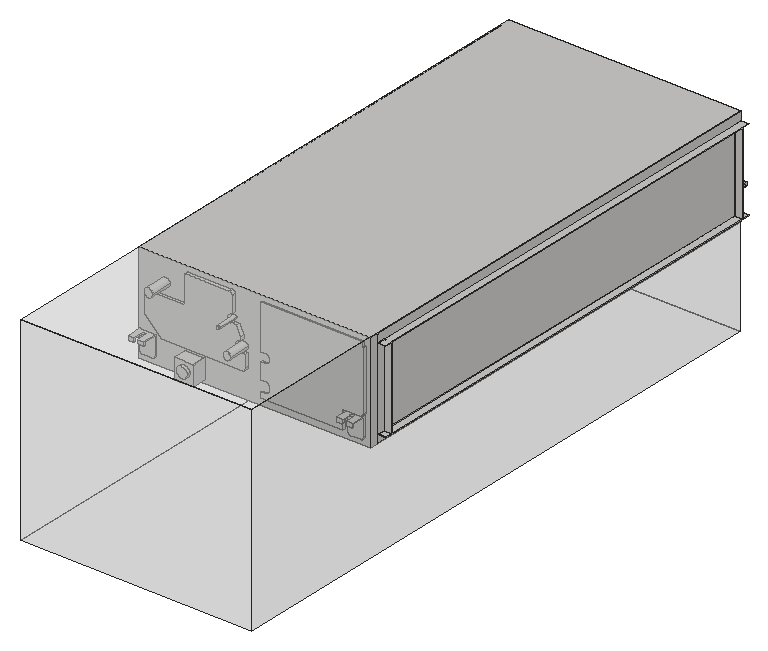
Revit family "outputfile", category 機械設備, Revit 2024
Family settings
  丸型コネクタ寸法 = 半径を使用
  パーツ タイプ = 標準
  OmniClass 番号 = 23.75.10.24.21.27.27
  OmniClass タイトル = Split System Air Conditioning Units
  作業面ベース = いいえ
  常に垂直 = はい
  ロード時にボイドで切り取り = いいえ
  注釈の向きを維持 = いいえ
  共有 = いいえ
  部屋計算ポイント = はい
Parameters (values of type "FXMQ250BFVM")
  Description = ""
  製造元 = "Daikin"
  書き出し IFC クラス(タイプ) = "IfcUnitaryEquipmentType"
  定義済み IFC タイプ(タイプ) = "AIRCONDITIONINGUNIT"
  Cost = 0
  モデル = "FXMQ250BFVM"
  Type Comments = ""
  Keynote = ""
  Type Image = (empty or 0)
  Assembly Code = ""
  w_dischargeflange = 1205.0 mm
  w_suctionflange = 1370.0 mm
  r_Liquid Pipe Size = Liquid Pipe Size / 2  # 4.75 mm
  r_Gas Pipe Size = Gas Pipe Size / 2  # 11.1 mm
  r_Drain Pipe Size = Drain Pipe Size / 2  # 12.5 mm
  lw_powersupply = 380.0 mm  # constant formula
  lw_mountinghole_pitch = 631.0 mm  # constant formula
  lw_mountinghole = 27.0 mm  # constant formula
  lw_maintenacesocket = 169.0 mm  # constant formula
  lw_liquidpipe = 290.0 mm  # constant formula
  lw_gaspipe = 318.0 mm  # constant formula
  lw_drainpipe = 80.0 mm  # constant formula
  lh_dischargeflange = 165.0 mm  # constant formula
  lh_powersupply = 56.0 mm  # constant formula
  lh_maintenacesocket = 40.0 mm  # constant formula
  lh_liquidpipe = 212.0 mm  # constant formula
  lh_gaspipe = 144.0 mm  # constant formula
  lh_drainpipe = 232.0 mm  # constant formula
  lh_suctionflange = 150.0 mm  # constant formula
  lh_antena = Height - lh_mountinghole + 1.0 mm  # 221.0 mm
  ld_dischargeflange = 635.0 mm
  ld_powersupply = Depth / 2  # 700.0 mm
  ld_mountinghole_pitch = 1438.0 mm
  ld_suctionflange = 713.0 mm
  h_dischargeflange = 265.0 mm  # constant formula
  lh_mountinghole = 80.0 mm  # constant formula
  h_mountinghole = [h***] + lh_mountinghole  # 80.0 mm
  h_suctionflange = 297.0 mm  # constant formula
  h*** = 0.0 mm  # constant formula
  d_dischargeflange = 25.0 mm  # constant formula
  d_pipe = 65.0 mm
  d_suctionflange = 25.0 mm  # constant formula
  Width = 700.0 mm
  Voltage_comment_60Hz = "220-230"
  Voltage_comment_50Hz = "220-240"
  Voltage_60Hz = 220 V
  Voltage_50Hz = 230 V
  Version = "ver.1.0"
  Unit Type = "Outdoor Air Processing Unit"
  Unit Mass Weight = 47.00 kg
  Unit Designation [instance] = ""
  Uniclass2015Version = "Products v1.30"
  Uniclass2015Title = "Variable refrigerant flow units"
  Uniclass2015Code = "Pr_70_65_03_94"
  URL = ""
  Total Cooling Capacity [instance] = 0.000 kW
  Supply Air Direction [instance] = yes
  Sound Pressure Level_M speed (dBA) = 36
  Sound Pressure Level_L speed (dBA) = 27
  Sound Pressure Level_H speed (dBA) = 44
  Sound Power Level_H speed (dB) = 0
  Series = "VRV Fan Coil Unit"
  Sensible Cooling Capacity [instance] = 0.000 kW
  SA Duct Size Width = 1160.0 mm
  SA Duct Size Height = 215.0 mm
  Refrigerant Type = "R410A"
  Power Input (Cooling) = 0.180 kW
  Phase_60Hz = 1
  Phase_50Hz = 1
  Option Accessory 3 [instance] = ""
  Option Accessory 2 [instance] = ""
  Option Accessory 1 [instance] = ""
  OA Duct Size Width = 1325.0 mm
  OA Duct Size Height = 247.0 mm
  Nominal Cooling Capacity = 28.000 kW
  Minimum External Static Pressure = 50.00 Pa
  Minimum Circuit Amps_60Hz = 3.38 A
  Minimum Circuit Amps_50Hz = 3.38 A
  Minimum Airflow = 1080.00 m³/h
  Median Airflow = 1620.00 m³/h
  Maximum Fuse Amps_60Hz = 16.0 A
  Maximum Fuse Amps_50Hz = 16.0 A
  Maximum External Static Pressure = 200.00 Pa
  Maximum Airflow = 2160.00 m³/h
  Material_Casing = DAIKIN_GalvanizedSteel_Casing_indoorunit
  Load Classification = HVAC
  Liquid Pipe Size = 9.5 mm
  Link_Nested Family [instance] = ""
  IfcVersion = "0"
  IfcExportType = "AIRCONDITIONINGUNIT"
  IfcExportAs = "IfcUnitaryEquipmentType"
  Height = 300.0 mm
  Heat Exchanger Type = "Cross Fin Coil"
  Gas Pipe Size = 22.2 mm
  Frequency_60Hz = 60 Hz
  Frequency_50Hz = 50 Hz
  Fan Type = "Sirocco Fan"
  Fan Drive = "Direct Drive"
  FCU Tag No. [instance] = ""
  Drain Pipe Size = 25.0 mm
  Design Supply Airflow [instance] = 0.00 m³/h
  Design Outdoor Airflow [instance] = 0.00 m³/h
  Design External Static Pressure [instance] = 0.00 Pa
  Depth = 1400.0 mm
  既定の高さ = 0.0 mm
  Cooling Entering Wet Bulb Temperature [instance] = 0.00 °C
  Cooling Entering Dry Bulb Temperature [instance] = 0.00 °C
  Cooling Ambient Wet Bulb Temperature [instance] = 0.00 °C
  Cooling Ambient Dry Bulb Temperature [instance] = 0.00 °C
  Clearance visibility [instance] = yes
  Clearance Top = 0.0 mm
  Clearance Right = 0.0 mm
  Clearance Rear = 0.0 mm
  Clearance Left = 0.0 mm
  Clearance Front = 450.0 mm
  Clearance Bottom = 300.0 mm
Reference planes
  plane 1 "Center (Front/Back)": y = 0
  plane 2: z = 0
  plane 3 "Center (Left/Right)": x = 0
  plane 4 "Back": y = 700
  plane 5 "Front": y = -700
  plane 6 "Left": x = -350
  plane 7 "Right": x = 350
  plane 8 "Top": z = 0
  plane 9 "Bottom": z = -300
  plane 10: y = 700
  plane 11: y = -1150
  plane 12: x = 350
  plane 13: x = -350
  plane 14: z = 0
  plane 15: z = -600
  plane 16: y = -706
  plane 17: y = -710
  plane 18: y = -741
  plane 19: y = -749
  plane 20: y = -765
  plane 21 "ld_drainpipe": x = -270
  plane 22 "ld_liquidpipe": x = -60
  plane 23 "ld_gaspipe": x = -32
  plane 24 "lh_gaspipe": z = -156
  plane 25 "lh_drainpipe": z = -68
  plane 26 "lh_liquidpipe": z = -88
  plane 27 "h_mountinghole": z = -220
  plane 28: x = -323
  plane 29: x = 308
  plane 30: y = 719
  plane 31: y = -719
  plane 32 "lh_powersuply": z = -244
  plane 33 "ld_powersupply": x = 30
  plane 34 "lh_suctionflange": z = -150
  plane 35 "ld_suctionflange": y = 13
  plane 36 "ld_dischargeflange": y = 65
  plane 37 "lh_dischargeflange": z = -135
  plane 38 "lh_maintenacesocket": z = -260
  plane 39 "lw_maintenacesocket": x = -181
Forms (mm)
  Extrusion 1, solid, material "DAIKIN_GalvanizedSteel_Casing_indoorunit" <- "Material_Casing"
    sketch origin (0, 0, 0) x (1, 0, 0) y (0, 0, 1)
      loop
        line (-350, 0) -> (-350, -300) -> (350, -300) -> (350, 0) -> (-350, 0)
    from -700 to 700
  Extrusion 2, solid, material "DAIKIN_GalvanizedSteel_Casing_indoorunit" <- "Material_Casing"
    sketch origin (0, 0, 0) x (1, 0, 0) y (0, 0, 1)
      loop
        line (23.104, -151.299) -> (41.1, -151.326)
        arc (41.1, -151.326) -> (46.767, -153.673) -> (49.114, -159.34) r 8.015
        line (49.114, -159.34) -> (49.104, -169.302)
        arc (49.104, -169.302) -> (46.761, -174.959) -> (41.104, -177.302) r 8
        line (41.104, -177.302) -> (23.104, -177.302) -> (23.104, -227.302) -> (41.104, -227.302)
        arc (41.104, -227.302) -> (46.761, -229.645) -> (49.104, -235.302) r 8
        line (49.104, -235.302) -> (49.104, -251.302)
        arc (49.104, -251.302) -> (46.761, -256.959) -> (41.104, -259.302) r 8
        line (41.104, -259.302) -> (23.104, -259.302) -> (23.104, -274.802) -> (271.104, -274.802) -> (271.104, -224.802)
        arc (271.104, -224.802) -> (272.568, -221.266) -> (276.104, -219.802) r 5
        line (276.104, -219.802) -> (327.104, -219.802)
        spline (327.104, -219.802) -> (327.496, -219.776) -> (327.88, -219.7) -> (328.252, -219.574) -> (328.604, -219.4) -> (328.93, -219.182) -> (329.225, -218.923) -> (329.484, -218.628) -> (329.702, -218.302) -> (329.876, -217.95) -> (330.002, -217.578) -> (330.078, -217.194) -> (330.104, -216.802)
        line (330.104, -216.802) -> (330.104, -213) -> (332, -213)
        arc (332, -213) -> (334.121, -212.121) -> (335, -210) r 3
        line (335, -210) -> (335, -32)
        arc (335, -32) -> (334.121, -29.879) -> (332, -29) r 3
        line (332, -29) -> (330.104, -29) -> (330.104, -15.8) -> (23.104, -15.8) -> (23.104, -151.299)
    from 700 to 706
  Extrusion 3, solid, material "DAIKIN_GalvanizedSteel_Casing_indoorunit" <- "Material_Casing"
    sketch origin (0, 0, 0) x (1, 0, 0) y (0, 0, 1)
      loop
        line (-70, -15.8) -> (-201, -15.8)
        arc (-201, -15.8) -> (-203.121, -16.679) -> (-204, -18.8) r 3
        line (-204, -18.8) -> (-204, -102) -> (-321, -102)
        arc (-321, -102) -> (-323.121, -102.879) -> (-324, -105) r 3
        line (-324, -105) -> (-324, -167.757)
        arc (-324, -167.757) -> (-323.772, -168.905) -> (-323.121, -169.879) r 3
        line (-323.121, -169.879) -> (-274.879, -218.121)
        arc (-274.879, -218.121) -> (-273.905, -218.772) -> (-272.757, -219) r 3
        line (-272.757, -219) -> (-30, -219)
        arc (-30, -219) -> (-22.929, -216.071) -> (-20, -209) r 10
        line (-20, -209) -> (-20, -172.5) -> (-26.169, -172.5)
        arc (-26.169, -172.5) -> (-49.051, -159.94) -> (-34, -138.615) r 17.5
        line (-34, -138.615) -> (-34, -127.5) -> (-47, -100.5) -> (-56.429, -100.5)
        arc (-56.429, -100.5) -> (-72.874, -89.803) -> (-60, -75) r 13
        line (-60, -75) -> (-60, -25.8)
        arc (-60, -25.8) -> (-62.929, -18.729) -> (-70, -15.8) r 10
    from 710 to 700
  Extrusion 4, solid, material "DAIKIN_GalvanizedSteel_Casing_indoorunit" <- "Material_Casing"
    sketch origin (0, 0, 0) x (1, 0, 0) y (0, 0, 1)
      loop
        line (-209.102, -232.7) -> (-209.102, -292.398) -> (-152.898, -292.398) -> (-152.898, -232.7)
        arc (-152.898, -232.7) -> (-153.133, -232.133) -> (-153.7, -231.898) r 0.802
        line (-153.7, -231.898) -> (-208.298, -231.898)
        arc (-208.298, -231.898) -> (-208.865, -232.133) -> (-209.102, -232.7) r 0.802
    from 700 to 741
  Extrusion 5, solid, material "DAIKIN_GalvanizedSteel_Casing_indoorunit" <- "Material_Casing"
    sketch origin (0, 0, 0) x (1, 0, 0) y (0, 0, 1)
      loop
        circle (-181, -260) r 16.5
    from 741 to 749
  Extrusion 6, solid, material "DAIKIN_GalvanizedSteel_Casing_indoorunit" <- "Material_Casing"
    sketch origin (0, 0, 0) x (1, 0, 0) y (0, 0, 1)
      loop
        circle (-270, -68) r 12.5
      loop
        circle (-60, -88) r 4.75
      loop
        circle (-32, -156) r 11.1
    from 700 to 765
Dimensions and locks
  "Height": plane 8 "Top" to plane 9 "Bottom"
  equal spacing: plane 6 "Left", plane 3 "Center (Left/Right)", plane 7 "Right", locked at 350 each
  "Width": plane 6 "Left" to plane 7 "Right"
  equal spacing: plane 4 "Back", plane 1 "Center (Front/Back)", plane 5 "Front"
  "Depth": plane 4 "Back" to plane 5 "Front"
  "Clearance Left": plane 13 to plane 6 "Left"
  "Clearance Right": plane 7 "Right" to plane 12
  "Clearance Rear": plane 10 to plane 4 "Back"
  "Clearance Front": plane 5 "Front" to plane 11
  "Clearance Top": plane 14 to plane 8 "Top"
  "Clearance Bottom": plane 9 "Bottom" to plane 15
  Extrusion 2 sketch curve to Extrusion 2 sketch curve to Extrusion 2 sketch curve = 307.0 mm locked, 4.896 mm locked
  Extrusion 2 sketch curve to Extrusion 2 sketch curve to Extrusion 2 sketch curve to Extrusion 2 sketch curve to Extrusion 2 sketch curve = 26.0 mm locked, 222.0 mm locked, 59.0 mm locked, 4.896 mm locked
  locked: Extrusion 2 sketch curve to Extrusion 2 sketch curve at 26.01
  locked: Extrusion 2 sketch curve to nested 1 at 23.104
  locked: Extrusion 2 sketch curve to plane 3 "Center (Left/Right)" at 23.104
  plane 3 "Center (Left/Right)" to Extrusion 2 sketch curve = 23.104 mm
  Extrusion 2 sketch curve to Extrusion 2 sketch curve to Extrusion 2 sketch curve to Extrusion 2 sketch curve to Extrusion 2 sketch curve = 161.502 mm locked, 50.0 mm locked, 32.0 mm locked, 15.5 mm locked
  locked: Extrusion 2 sketch curve to Extrusion 2 sketch curve at 68.127
  locked: Extrusion 2 sketch curve to Extrusion 2 sketch curve at 13.2
  locked: Extrusion 2 sketch curve to Extrusion 2 sketch curve at 6.802
  locked: Extrusion 2 sketch curve to Extrusion 2 sketch curve at 55
  locked: plane 5 "Front" to plane 16 at 6
  locked: plane 5 "Front" to plane 17 at 10
  locked: plane 5 "Front" to plane 18 at 41
  "d_pipe": plane 5 "Front" to plane 20
  "lw_drainpipe": plane 6 "Left" to plane 21 "ld_drainpipe"
  "lw_liquidpipe": plane 6 "Left" to plane 22 "ld_liquidpipe"
  "lw_gaspipe": plane 6 "Left" to plane 23 "ld_gaspipe"
  "lh_gaspipe": plane 24 "lh_gaspipe" to plane 9 "Bottom"
  "lh_liquidpipe": plane 26 "lh_liquidpipe" to plane 9 "Bottom"
  "lh_drainpipe": plane 25 "lh_drainpipe" to plane 9 "Bottom"
  "lh_mountinghole": plane 27 "h_mountinghole" to plane 9 "Bottom"
  "lw_mountinghole": plane 6 "Left" to plane 28
  "lw_mountinghole_pitch": plane 28 to plane 29
  equal spacing: plane 30, plane 1 "Center (Front/Back)", plane 31
  "ld_mountinghole_pitch": plane 30 to plane 31
  locked: Extrusion 3 sketch curve to plane 6 "Left" at 146
  locked: Extrusion 3 sketch curve to plane 6 "Left" at 290
  locked: plane 6 "Left" to Extrusion 3 sketch curve at 26
  locked: Extrusion 3 sketch curve to plane 6 "Left" at 316
  locked: Extrusion 3 sketch curve to plane 6 "Left" at 330
  locked: Extrusion 3 sketch curve to plane 9 "Bottom" at 81
  locked: Extrusion 3 sketch curve to plane 9 "Bottom" at 284.2
  locked: Extrusion 3 sketch curve to plane 9 "Bottom" at 199.5
  locked: Extrusion 3 sketch curve to plane 9 "Bottom" at 127.5
  locked: Extrusion 3 sketch curve to plane 9 "Bottom" at 198
  "lh_powersupply": plane 32 "lh_powersuply" to plane 9 "Bottom"
  "lw_powersupply": plane 6 "Left" to plane 33 "ld_powersupply"
  "lh_suctionflange": plane 34 "lh_suctionflange" to plane 9 "Bottom"
  "ld_suctionflange": plane 35 "ld_suctionflange" to plane 5 "Front"
  "ld_dischargeflange": plane 4 "Back" to plane 36 "ld_dischargeflange"
  "lh_dischargeflange": plane 37 "lh_dischargeflange" to plane 9 "Bottom"
  locked: plane 5 "Front" to plane 19 at 49
  "lh_maintenacesocket": plane 38 "lh_maintenacesocket" to plane 9 "Bottom"
  "lw_maintenacesocket": plane 6 "Left" to plane 39 "lw_maintenacesocket"
  equal spacing: Extrusion 4 sketch curve, plane 39 "lw_maintenacesocket", Extrusion 4 sketch curve
  locked: Extrusion 4 sketch curve to Extrusion 4 sketch curve at 56.204
  Extrusion 4 sketch curve to plane 38 "lh_maintenacesocket" to Extrusion 4 sketch curve = 28.102 mm locked, 32.398 mm locked
  "r_Drain Pipe Size": radius of Extrusion 6 sketch curve
  "r_Liquid Pipe Size": radius of Extrusion 6 sketch curve
  "r_Gas Pipe Size": radius of Extrusion 6 sketch curve
  aligned and locked: level to plane 2
  aligned and locked: Extrusion 1 sketch curve to plane 8 "Top"
  aligned and locked: plane 6 "Left" to Extrusion 1 sketch curve
  aligned and locked: plane 9 "Bottom" to Extrusion 1 sketch curve
  aligned and locked: Extrusion 1 sketch curve to plane 7 "Right"
  aligned and locked: plane 4 "Back" to Extrusion 1
  aligned and locked: Extrusion 1 to plane 5 "Front"
  aligned and locked: plane 10 to nested 1
  aligned and locked: plane 11 to nested 1
  aligned and locked: plane 12 to nested 1
  aligned and locked: nested 1 to plane 13
  aligned and locked: plane 15 to nested 1
  aligned and locked: plane 14 to nested 1
  aligned and locked: Extrusion 2 to plane 16
  aligned and locked: plane 5 "Front" to Extrusion 2
  aligned and locked: Extrusion 4 to plane 18
  aligned and locked: plane 5 "Front" to Extrusion 4
  aligned and locked: Extrusion 5 to plane 19
  aligned and locked: plane 18 to Extrusion 5
  aligned and locked: plane 25 "lh_drainpipe" to Extrusion 6 sketch curve
  aligned and locked: plane 21 "ld_drainpipe" to Extrusion 6 sketch curve
  aligned and locked: plane 26 "lh_liquidpipe" to Extrusion 6 sketch curve
  aligned and locked: plane 22 "ld_liquidpipe" to Extrusion 6 sketch curve
  aligned and locked: plane 23 "ld_gaspipe" to Extrusion 6 sketch curve
  aligned and locked: plane 24 "lh_gaspipe" to Extrusion 6 sketch curve
  aligned and locked: Extrusion 6 to plane 20
  aligned and locked: plane 5 "Front" to Extrusion 6
  aligned and locked: nested 2 to plane 5 "Front"
  aligned and locked: nested 2 to plane 21 "ld_drainpipe"
  aligned and locked: plane 25 "lh_drainpipe" to nested 2
  aligned and locked: nested 3 to plane 5 "Front"
  aligned and locked: nested 4 to plane 5 "Front"
  aligned and locked: plane 26 "lh_liquidpipe" to nested 3
  aligned and locked: plane 24 "lh_gaspipe" to nested 4
  aligned and locked: plane 29 to nested 5
  aligned and locked: plane 4 "Back" to nested 5
  aligned and locked: plane 27 "h_mountinghole" to nested 5
  aligned and locked: plane 28 to nested 6
  aligned and locked: plane 4 "Back" to nested 6
  aligned and locked: plane 27 "h_mountinghole" to nested 6
  aligned and locked: nested 7 to plane 29
  aligned and locked: plane 5 "Front" to nested 7
  aligned and locked: plane 5 "Front" to nested 8
  aligned and locked: nested 8 to plane 28
  aligned and locked: nested 7 to plane 27 "h_mountinghole"
  aligned and locked: nested 8 to plane 27 "h_mountinghole"
  aligned and locked: Extrusion 3 to plane 17
  aligned and locked: plane 5 "Front" to Extrusion 3
  aligned and locked: nested 11 to plane 28
  aligned and locked: nested 11 to plane 30
  aligned and locked: nested 12 to plane 29
  aligned and locked: nested 12 to plane 30
  aligned and locked: nested 9 to plane 29
  aligned and locked: plane 31 to nested 9
  aligned and locked: nested 10 to plane 28
  aligned and locked: plane 31 to nested 10
  aligned and locked: nested 13 to plane 32 "lh_powersuply"
  aligned and locked: plane 1 "Center (Front/Back)" to nested 14
  aligned and locked: nested 14 to plane 3 "Center (Left/Right)"
  aligned and locked: plane 34 "lh_suctionflange" to nested 15
  aligned and locked: plane 7 "Right" to nested 15
  aligned and locked: plane 35 "ld_suctionflange" to nested 15
  aligned and locked: nested 16 to plane 36 "ld_dischargeflange"
  aligned and locked: nested 16 to plane 6 "Left"
  aligned and locked: plane 37 "lh_dischargeflange" to nested 16
  aligned and locked: nested 17 to plane 6 "Left"
  aligned and locked: nested 17 to plane 36 "ld_dischargeflange"
  aligned and locked: plane 7 "Right" to nested 18
  aligned and locked: plane 35 "ld_suctionflange" to nested 18
  aligned and locked: nested 18 to plane 34 "lh_suctionflange"
  aligned and locked: nested 17 to plane 37 "lh_dischargeflange"
  aligned and locked: plane 38 "lh_maintenacesocket" to Extrusion 5 sketch curve
  aligned and locked: plane 39 "lw_maintenacesocket" to Extrusion 5 sketch curve
  aligned and locked: nested 3 to plane 22 "ld_liquidpipe"
  aligned and locked: nested 4 to plane 23 "ld_gaspipe"
  aligned and locked: nested 13 to plane 33 "ld_powersupply"
  aligned and locked: level to plane 8 "Top"
Automatic sketch dimensions
  Extrusion 2 sketch curve to Extrusion 2 sketch curve = 0.027 mm
  Extrusion 2 sketch curve to Extrusion 2 sketch curve = 8.015 mm
  Extrusion 2 sketch curve to Extrusion 2 sketch curve = 8.01 mm
  Extrusion 2 sketch curve to Extrusion 2 sketch curve = 0.0 mm  (x4)
  Extrusion 2 sketch curve to Extrusion 2 sketch curve = 8.0 mm  (x3)
  Extrusion 2 sketch curve to Extrusion 2 sketch curve = 5.0 mm
  Extrusion 2 sketch curve to Extrusion 2 sketch curve = 3.0 mm  (x2)
  Extrusion 2 sketch curve to Extrusion 2 sketch curve = 1.896 mm  (x2)
  Extrusion 2 sketch curve to plane 8 "Top" = 15.8 mm
  Extrusion 4 sketch curve to Extrusion 4 sketch curve = 0.804 mm
  Extrusion 4 sketch curve to Extrusion 4 sketch curve = 0.802 mm  (x2)
  Extrusion 4 sketch curve to Extrusion 4 sketch curve = 0.0 mm
  plane 23 "ld_gaspipe" to Extrusion 3 sketch curve = 0.0 mm
  Extrusion 3 sketch curve to plane 24 "lh_gaspipe" = 0.0 mm
  Extrusion 3 sketch curve to plane 26 "lh_liquidpipe" = 0.0 mm
  plane 28 to Extrusion 3 sketch curve = 0.121 mm
  Extrusion 3 sketch curve to plane 28 = 2.0 mm  (x2)
  plane 21 "ld_drainpipe" to Extrusion 3 sketch curve = 4.879 mm
  plane 21 "ld_drainpipe" to Extrusion 3 sketch curve = 2.757 mm
  Extrusion 3 sketch curve to Extrusion 3 sketch curve = 3.0 mm  (x2)
  plane 22 "ld_liquidpipe" to Extrusion 3 sketch curve = 10.0 mm
  Extrusion 3 sketch curve to plane 22 "ld_liquidpipe" = 3.571 mm
  Extrusion 3 sketch curve to Extrusion 3 sketch curve = 9.429 mm
  Extrusion 3 sketch curve to plane 23 "ld_gaspipe" = 2.0 mm
  Extrusion 3 sketch curve to plane 23 "ld_gaspipe" = 5.831 mm
  Extrusion 3 sketch curve to plane 24 "lh_gaspipe" = 11.757 mm
  Extrusion 3 sketch curve to Extrusion 3 sketch curve = 11.115 mm
  radius of Extrusion 5 sketch curve = 16.5 mm
Nested families
  nested 1: "daikin_clearancespace" at (0, -225, -299.881), visible <- "Clearance visibility", show <- "Clearance visibility", Link_Nested Family <- "Link_Nested Family", type "daikin_clearancespace"
    with width 700.0 mm, show yes, height 600.0 mm, depth 1850.0 mm, Link_Nested Family ""
  nested 2: "daikin_connector_rotate2" at (-270, -700, -68), length <- "d_pipe", radius <- "r_Drain Pipe Size", type "daikin_connector_rotate2"
    with radius 12.5 mm, length 65.0 mm, angle_vertical 90.00°, show_face no
  nested 3: "daikin_connector_rotate2" at (-60, -700, -88), length <- "d_pipe", radius <- "r_Liquid Pipe Size", type "daikin_connector_rotate2"
    with radius 4.75 mm, length 65.0 mm, angle_vertical 90.00°, show_face no
  nested 4: "daikin_connector_rotate2" at (-32, -700, -156), length <- "d_pipe", radius <- "r_Gas Pipe Size", type "daikin_connector_rotate2"
    with radius 11.1 mm, length 65.0 mm, angle_vertical 90.00°, show_face no
  nested 5: "daikin_hangerfixture_FXMQ-BFVM" at (308, 700, -220) x (-1, 0, 0) z (0, 0, 1), type "daikin_hangerfixture_FXMQ-BFVM"
  nested 6: "daikin_hangerfixture_FXMQ-BFVM" at (-323, 700, -220) x (-1, 0, 0) z (0, 0, 1), type "daikin_hangerfixture_FXMQ-BFVM"
  nested 7: "daikin_hangerfixture_FXMQ-BFVM" at (308, -700, -220) x (-1, 0, 0) z (0, 0, 1), type "daikin_hangerfixture_FXMQ-BFVM"
  nested 8: "daikin_hangerfixture_FXMQ-BFVM" at (-323, -700, -220) x (-1, 0, 0) z (0, 0, 1), type "daikin_hangerfixture_FXMQ-BFVM"
  nested 9: "daikin_mountinghole" at (308, -719, -300), Link_Nested Family <- "Link_Nested Family", l_antenna <- "lh_antena", h_mountinghole <- "h_mountinghole", type "daikin_mountinghole"
    with show yes, l_antenna 221.0 mm, h_mountinghole 80.0 mm, Link_Nested Family ""
  nested 10: "daikin_mountinghole" at (-323, -719, -300), Link_Nested Family <- "Link_Nested Family", l_antenna <- "lh_antena", h_mountinghole <- "h_mountinghole", type "daikin_mountinghole"
    with show yes, l_antenna 221.0 mm, h_mountinghole 80.0 mm, Link_Nested Family ""
  nested 11: "daikin_mountinghole" at (-323, 719, -300), Link_Nested Family <- "Link_Nested Family", l_antenna <- "lh_antena", h_mountinghole <- "h_mountinghole", type "daikin_mountinghole"
    with show yes, l_antenna 221.0 mm, h_mountinghole 80.0 mm, Link_Nested Family ""
  nested 12: "daikin_mountinghole" at (308, 719, -300), Link_Nested Family <- "Link_Nested Family", l_antenna <- "lh_antena", h_mountinghole <- "h_mountinghole", type "daikin_mountinghole"
    with show yes, l_antenna 221.0 mm, h_mountinghole 80.0 mm, Link_Nested Family ""
  nested 13: "daikin_connector_rotate2" at (30, 0, -244), length <- "ld_powersupply", type "daikin_connector_rotate2"
    with radius 10.0 mm, length 700.0 mm, angle_vertical 90.00°, show_face no
  nested 14: "daikin_△_symbolicline" at (0, 0, 300) x (0, -1, 0) z (0, 0, 1), visible <- "Supply Air Direction", built-in parameter 1001364 <- "Height", type "daikin_△_symbolicline"
    with length 300.0 mm
  nested 15: "daikin_ductflange_FXMQ-BFVM" at (350, 13, -298.5) x (0, 1, 0) z (0, 0, 1), depth <- "d_suctionflange", height <- "h_suctionflange", width <- "w_suctionflange", material <- "Material_Casing", type "daikin_ductflange_FXMQ-BFVM"
    with width 1370.0 mm, top1 25.0 mm, right1 22.5 mm, material DAIKIN_GalvanizedSteel_Casing_indoorunit, left1 22.5 mm, height 297.0 mm, depth 25.0 mm, Bottom1 25.0 mm
  nested 16: "daikin_ductflange_FXMQ-BFVM" at (-350, 65, -267.5) x (0, -1, 0) z (0, 0, 1), material <- "Material_Casing", depth <- "d_dischargeflange", height <- "h_dischargeflange", width <- "w_dischargeflange", type "daikin_ductflange_FXMQ-BFVM"
    with width 1205.0 mm, top1 25.0 mm, right1 22.5 mm, material DAIKIN_GalvanizedSteel_Casing_indoorunit, left1 22.5 mm, height 265.0 mm, depth 25.0 mm, Bottom1 25.0 mm
  nested 17: "daikin_connector_rotate2" at (-350, 65, -135) x (0, -1, 0) z (0, 0, 1), length <- "d_dischargeflange", type "daikin_connector_rotate2"
    with radius 10.0 mm, length 25.0 mm, angle_vertical 90.00°, show_face no
  nested 18: "daikin_connector_rotate2" at (350, 13, -150) x (0, 1, 0) z (0, 0, 1), length <- "d_suctionflange", type "daikin_connector_rotate2"
    with radius 10.0 mm, length 25.0 mm, angle_vertical 90.00°, show_face no
Connectors
  piping at (-270, -765, -68), diameter 25, driven by "r_Drain Pipe Size"
    settings: on nested 2, index 1, connector inside diameter 609.6 mm, connector length 0.0 mm, flow factor 0, pipe flow 0.00 m³/h, pressure drop 0.0 Pa, fitting loss kfactor 0, connector angle 0.00°, fixture units 0, engagement length 0.0 mm, angle of deflection 0.00°, flow configuration 1, flow direction 2, fitting loss method 4, system type 16, joint type 0, gender type 0, connector reference index -1, connector utility 0, adjustable connector no, is connector primary yes, connector description "Condensate Drain Piping"
  piping at (-60, -765, -88), diameter 9.5, driven by "r_Liquid Pipe Size"
    settings: on nested 3, index 2, connector inside diameter 609.6 mm, connector length 0.0 mm, flow factor 0, pipe flow 0.00 m³/h, pressure drop 0.0 Pa, fitting loss kfactor 0, connector angle 0.00°, fixture units 0, engagement length 0.0 mm, angle of deflection 0.00°, flow configuration 1, flow direction 1, fitting loss method 0, system type 29, joint type 0, gender type 0, connector reference index -1, connector utility 0, adjustable connector no, is connector primary no, connector description "Refrigerant Liquid Piping"
  piping at (-32, -765, -156), diameter 22.2, driven by "r_Gas Pipe Size"
    settings: on nested 4, index 3, connector inside diameter 609.6 mm, connector length 0.0 mm, flow factor 0, pipe flow 0.00 m³/h, pressure drop 0.0 Pa, fitting loss kfactor 0, connector angle 0.00°, fixture units 0, engagement length 0.0 mm, angle of deflection 0.00°, flow configuration 1, flow direction 2, fitting loss method 0, system type 29, joint type 0, gender type 0, connector reference index -1, connector utility 0, adjustable connector no, is connector primary no, connector description "Refrigerant Gas Piping"
  electrical at (30, -700, -244), driven by "Load Classification"
    settings: on nested 13, index 4, voltage 0 V, apparent load 0 VA, apparent load phase1 0 VA, apparent load phase2 0 VA, apparent load phase3 0 VA, power factor 1, load classification "HVAC", number of poles 1, system type 30, power factor state 1, is connector primary yes, connector utility no, sub classification motor no, connector description "Power Supply"
  hvac at (375, 13, -150), driven by "OA Duct Size Height", driven by "OA Duct Size Width"
    settings: on nested 15, index 5, duct flow 0.00 m³/h, flow factor 0, pres drop 0.00 Pa, loss coef 0, conn angle 0.00°, conn width 1325.0 mm, conn height 247.0 mm, conn diameter 609.6 mm, duct sys type 1, conn prof type 1, flow config 0, flow direction 1, loss method 4, conn ref index -1, conn util no, is conn primary no, conn desc "OA Duct"
  hvac at (-375, 65, -135), driven by "SA Duct Size Height", driven by "SA Duct Size Width"
    settings: on nested 16, index 6, duct flow 0.00 m³/h, flow factor 0, pres drop 0.00 Pa, loss coef 0, conn angle 0.00°, conn width 1160.0 mm, conn height 215.0 mm, conn diameter 609.6 mm, duct sys type 1, conn prof type 1, flow config 0, flow direction 2, loss method 4, conn ref index -1, conn util no, is conn primary yes, conn desc "SA Duct"
Definition of nested family "daikin_clearancespace"
  Parameters (values of type "daikin_clearancespace")
    width [instance] = 1823.963 mm
    show [instance] = yes
    material = none
    height [instance] = 1359.762 mm
    depth [instance] = 880.0 mm
    Default Elevation = 0.0 mm
    Link_Nested Family [instance] = ""
  Reference planes
    plane 1 "Center (Front/Back)": y = 0
    plane 2 "Center (Elevation)": z = -0.119
    plane 3 "Center (Left/Right)": x = 0
    plane 4: y = 440
    plane 5: y = -440
    plane 6 "Right": x = 911.982
    plane 7 "Left": x = -911.982
    plane 8 "Top": z = 679.762
    plane 9 "Bottom": z = -680
  Forms (mm)
    Extrusion 1, solid, material <- "material", visible <- "show"
      sketch origin (0, 0, 0) x (1, 0, 0) y (0, 1, 0)
        loop
          line (-911.982, 440) -> (-911.982, -440) -> (911.982, -440) -> (911.982, 440) -> (-911.982, 440)
      from -680 to 679.762
  Lines and regions (mm)
    symbolic lines, visible <- "show"
      curve 1: line (911.982, 440, 0) -> (-911.982, 440, 0)
      curve 2: line (-911.982, 440, 0) -> (-911.982, -440, 0)
      curve 3: line (-911.982, -440, 0) -> (911.982, -440, 0)
      curve 4: line (911.982, -440, 0) -> (911.982, 440, 0)
      curve 5: line (911.982, 0, 679.762) -> (-911.982, 0, 679.762)
      curve 6: line (911.982, 0, -680) -> (911.982, 0, 679.762)
      curve 7: line (-911.982, 0, -680) -> (911.982, 0, -680)
      curve 8: line (-911.982, 0, 679.762) -> (-911.982, 0, -680)
      curve 9: line (0, 440, 679.762) -> (0, -440, 679.762)
      curve 10: line (0, -440, 679.762) -> (0, -440, -680)
      curve 11: line (0, 440, -680) -> (0, 440, 679.762)
      curve 12: line (0, -440, -680) -> (0, 440, -680)
  Dimensions and locks
    "width": plane 7 "Left" to plane 6 "Right"
    "depth": plane 4 to plane 5
    "height": plane 8 "Top" to plane 9 "Bottom"
    equal spacing: plane 7 "Left", plane 3 "Center (Left/Right)", plane 6 "Right"
    equal spacing: plane 4, plane 1 "Center (Front/Back)", plane 5
    equal spacing: plane 8 "Top", plane 2 "Center (Elevation)", plane 9 "Bottom"
    aligned and locked: level to plane 2 "Center (Elevation)"
    aligned and locked: Extrusion 1 sketch curve to plane 4
    aligned and locked: plane 7 "Left" to Extrusion 1 sketch curve
    aligned and locked: Extrusion 1 sketch curve to plane 5
    aligned and locked: Extrusion 1 sketch curve to plane 6 "Right"
    aligned and locked: plane 8 "Top" to Extrusion 1
    aligned and locked: curve 1 to Extrusion 1
    aligned and locked: curve 2 to Extrusion 1
    aligned and locked: curve 3 to Extrusion 1
    aligned and locked: curve 4 to Extrusion 1
    aligned and locked: curve 5 to Extrusion 1
    aligned and locked: curve 6 to Extrusion 1
    aligned and locked: curve 7 to Extrusion 1
    aligned and locked: curve 8 to Extrusion 1
    aligned and locked: curve 9 to Extrusion 1
    aligned and locked: curve 10 to Extrusion 1
    aligned and locked: curve 11 to Extrusion 1
    aligned and locked: curve 12 to Extrusion 1
    aligned and locked: Extrusion 1 to plane 9 "Bottom"
Definition of nested family "daikin_hangerfixture_FXMQ-BFVM"
  Parameters (values of type "daikin_hangerfixture_CeilingMountedDuct")
    width = 48.0 mm
    material = none
    height = 65.0 mm
    depth = 45.0 mm
    Default Elevation = 0.0 mm
  Reference planes
    plane 1 "Center (Front/Back)": y = 0
    plane 2: z = 0
    plane 3 "Center (Left/Right)": x = 0
    plane 4: y = 417.146
    plane 5: y = -45
    plane 6: x = -24
    plane 7: x = 24
    plane 8: z = -2.3
    plane 9: z = -65
    plane 10: y = -2.3
    plane 11: z = -12
    plane 12: y = -42.7
  Forms (mm)
    Extrusion 1, solid, material <- "material"
      sketch origin (0, 0, 0) x (1, 0, 0) y (0, 1, 0)
        loop
          line (24, 0) -> (-24, 0) -> (-24, -45) -> (-6, -45) -> (-6, -19)
          arc (-6, -19) -> (0, -13) -> (6, -19) r 6
          line (6, -19) -> (6, -45) -> (24, -45) -> (24, 0)
      from 0 to -2.3
    Extrusion 2, solid, material <- "material"
      sketch origin (0, 0, 0) x (1, 0, 0) y (0, 0, 1)
        loop
          line (24, -55) -> (24, 0) -> (-24, 0) -> (-24, -55)
          arc (-24, -55) -> (-21.071, -62.071) -> (-14, -65) r 10
          line (-14, -65) -> (14, -65)
          arc (14, -65) -> (21.071, -62.071) -> (24, -55) r 10
      from 0 to 2.3
    Extrusion 3, solid, material <- "material"
      sketch origin (0, 0, 0) x (1, 0, 0) y (0, 0, 1)
        loop
          line (-6, -9) -> (-6, 0) -> (-24, 0) -> (-24, -9)
          arc (-24, -9) -> (-23.121, -11.121) -> (-21, -12) r 3
          line (-21, -12) -> (-9, -12)
          arc (-9, -12) -> (-6.879, -11.121) -> (-6, -9) r 3
        loop
          line (6, 0) -> (6, -9)
          arc (6, -9) -> (6.879, -11.121) -> (9, -12) r 3
          line (9, -12) -> (21, -12)
          arc (21, -12) -> (23.121, -11.121) -> (24, -9) r 3
          line (24, -9) -> (24, 0) -> (6, 0)
      from 42.7 to 45
  Cuts and joins
    joined: Extrusion 1, Extrusion 2, Extrusion 3
  Dimensions and locks
    "width": plane 6 to plane 7
    "depth": plane 5 to plane 1 "Center (Front/Back)"
    plane 2 to plane 8 = 2.3 mm
    "height": plane 2 to plane 9
    locked: plane 10 to plane 1 "Center (Front/Back)" at 2.3
    locked: plane 2 to plane 11 at 12
    locked: plane 12 to plane 5 at 2.3
    aligned and locked: level to plane 2
    aligned and locked: Extrusion 1 sketch curve to plane 1 "Center (Front/Back)"
    aligned and locked: plane 7 to Extrusion 1
    aligned and locked: Extrusion 1 to plane 6
    aligned and locked: Extrusion 1 to plane 5  (x2)
    aligned and locked: Extrusion 1 to plane 8
    aligned and locked: plane 2 to Extrusion 1
    aligned and locked: plane 2 to Extrusion 2 sketch curve
    aligned and locked: Extrusion 2 to plane 9
    aligned and locked: Extrusion 2 to plane 10
    aligned and locked: Extrusion 2 to plane 1 "Center (Front/Back)"
    aligned and locked: plane 2 to Extrusion 3 sketch curve  (x2)
    aligned and locked: Extrusion 3 to plane 11  (x2)
    aligned and locked: plane 12 to Extrusion 3
    aligned and locked: Extrusion 3 to plane 5
  Automatic sketch dimensions
    Extrusion 1 sketch curve to plane 6 = 0.0 mm
    Extrusion 1 sketch curve to plane 5 = 0.0 mm  (x2)
    Extrusion 1 sketch curve to plane 3 "Center (Left/Right)" = 0.0 mm
    Extrusion 1 sketch curve to plane 7 = 0.0 mm
    Extrusion 1 sketch curve to plane 3 "Center (Left/Right)" = 6.0 mm
    plane 1 "Center (Front/Back)" to Extrusion 1 sketch curve = 19.0 mm
    Extrusion 2 sketch curve to plane 7 = 0.0 mm
    Extrusion 2 sketch curve to plane 7 = 10.0 mm
    Extrusion 2 sketch curve to plane 8 = 52.7 mm
    plane 6 to Extrusion 2 sketch curve = 10.0 mm
    Extrusion 2 sketch curve to plane 6 = 0.0 mm
    Extrusion 3 sketch curve to plane 6 = 0.0 mm
    Extrusion 3 sketch curve to plane 7 = 0.0 mm
    Extrusion 3 sketch curve to Extrusion 3 sketch curve = 3.0 mm  (x2)
    Extrusion 3 sketch curve to plane 8 = 6.7 mm
    Extrusion 3 sketch curve to plane 3 "Center (Left/Right)" = 9.0 mm
    Extrusion 3 sketch curve to plane 3 "Center (Left/Right)" = 6.0 mm
    plane 3 "Center (Left/Right)" to Extrusion 3 sketch curve = 6.0 mm
    Extrusion 3 sketch curve to plane 7 = 3.0 mm
    Extrusion 3 sketch curve to plane 8 = 9.7 mm
Definition of nested family "daikin_ductflange_FXMQ-BFVM"
  Parameters (values of type "daikin_ductflange_CeilingMountedDuct")
    width [instance] = 670.0 mm
    right1 [instance] = 22.5 mm
    left1 [instance] = 22.5 mm
    Bottom1 [instance] = 25.0 mm
    material [instance] = none
    height [instance] = 272.0 mm
    depth [instance] = 25.0 mm
    top1 [instance] = 25.0 mm
    Default Elevation = 0.0 mm
  Reference planes
    plane 1 "Center (Front/Back)": y = 0
    plane 2: z = 0
    plane 3 "Center (Left/Right)": x = 0
    plane 4: y = -25
    plane 5: x = -335
    plane 6: x = 335
    plane 7 "Top": z = 272
    plane 8: y = -1
    plane 9: x = -312.5
    plane 10: x = 312.5
    plane 11: z = 247
    plane 12: z = 25
    plane 13 "Center (Elevation)": z = 136
  Forms (mm)
    Extrusion 1, solid, material <- "material"
      sketch origin (0, 0, 0) x (1, 0, 0) y (0, 0, 1)
        loop
          line (-335, 272) -> (-335, 0) -> (335, 0) -> (335, 272) -> (-335, 272)
        loop
          line (-312.5, 247) -> (-312.5, 25) -> (312.5, 25) -> (312.5, 247) -> (-312.5, 247)
      from 0 to 1
    Extrusion 2, solid, material <- "material"
      sketch origin (0, 0, 0) x (1, 0, 0) y (0, 1, 0)
        loop
          line (-312.5, -1) -> (-313.496, -1) -> (-313.496, -25) -> (-312.5, -25) -> (-312.5, -1)
        loop
          line (312.5, -1) -> (312.5, -25) -> (313.496, -25) -> (313.496, -1) -> (312.5, -1)
      from 25 to 247
    Extrusion 3, solid, material <- "material"
      sketch origin (0, 0, 0) x (0, 1, 0) y (0, 0, 1)
        loop
          line (-1, 247) -> (-1, 247.958) -> (-25, 247.958) -> (-25, 247) -> (-1, 247)
        loop
          line (-1, 25) -> (-25, 25) -> (-25, 24.042) -> (-1, 24.042) -> (-1, 25)
      from -335 to 335
  Cuts and joins
    joined: Extrusion 1, Extrusion 2, Extrusion 3
  Dimensions and locks
    "height": plane 7 "Top" to plane 2
    "width": plane 5 to plane 6
    equal spacing: plane 5, plane 3 "Center (Left/Right)", plane 6
    "depth": plane 1 "Center (Front/Back)" to plane 4
    locked: plane 8 to plane 1 "Center (Front/Back)" at 1
    "left1": plane 5 to plane 9
    "right1": plane 10 to plane 6
    locked: Extrusion 2 sketch curve to Extrusion 2 sketch curve at 0.996  (x2)
    "top1": plane 7 "Top" to plane 11
    "Bottom1": plane 12 to plane 2
    equal spacing: plane 7 "Top", plane 13 "Center (Elevation)", plane 2
    locked: Extrusion 3 sketch curve to Extrusion 2 at 0.958  (x2)
    aligned and locked: level to plane 2
    aligned and locked: Extrusion 1 sketch curve to plane 7 "Top"
    aligned and locked: plane 5 to Extrusion 1 sketch curve
    aligned and locked: Extrusion 1 sketch curve to plane 6
    aligned and locked: plane 2 to Extrusion 1 sketch curve
    aligned and locked: Extrusion 1 to plane 8
    aligned and locked: Extrusion 2 sketch curve to plane 8
    aligned and locked: Extrusion 2 sketch curve to plane 9
    aligned and locked: plane 8 to Extrusion 2 sketch curve
    aligned and locked: Extrusion 2 sketch curve to plane 10
    aligned and locked: plane 11 to Extrusion 2
    aligned and locked: Extrusion 2 to plane 12
    aligned and locked: plane 8 to Extrusion 3 sketch curve
    aligned and locked: Extrusion 3 sketch curve to plane 11
    aligned and locked: Extrusion 3 sketch curve to plane 8
    aligned and locked: Extrusion 3 sketch curve to plane 12
    aligned and locked: Extrusion 3 to plane 5
    aligned and locked: plane 6 to Extrusion 3
    aligned and locked: plane 4 to Extrusion 2 sketch curve
    aligned and locked: Extrusion 2 sketch curve to plane 4
    aligned and locked: plane 4 to Extrusion 3 sketch curve
    aligned and locked: Extrusion 3 sketch curve to plane 4
    aligned and locked: plane 9 to Extrusion 1 sketch curve
    aligned and locked: Extrusion 1 sketch curve to plane 10
    aligned and locked: plane 12 to Extrusion 1 sketch curve
    aligned and locked: Extrusion 1 sketch curve to plane 11
Definition of nested family "daikin_connector_rotate2"
  Parameters (values of type "daikin_connector_rotate2")
    show_face = yes
    radius [instance] = 10.0 mm
    length [instance] = 600.0 mm
    d_surface = 10.0 mm
    angle_vertical [instance] = 90.00°
    Default Elevation = 0.0 mm
  Reference planes
    plane 1 "Center (Front/Back)": y = 0
    plane 2: z = 0
    plane 3 "Center (Left/Right)": x = 0
  Forms (mm)
    Extrusion 1, solid, visible <- "show_face"
      sketch origin (0, -600, 0) x (1, 0, 0) y (0, 0, 1)
        loop
          circle (0, 0) r 10
      from 0 to -10
  Lines and regions (mm)
    reference lines
      curve 1: line (0, 0, 0) -> (0, -600, 0)
    symbolic lines
      curve 2: circle (0, 0, 0) r 5 normal (0, 0, 1)
    model lines, visible <- "show_face"
      curve 3: line (0, 0, 0) -> (0, -600, 0)
  Dimensions and locks
    "length": curve 1 to curve 1
    "length": curve 3 to curve 3
    "d_surface": Extrusion 1 to Extrusion 1
    "radius": radius of Extrusion 1 sketch curve
    "angle_vertical": angle curve 1 to plane 1 "Center (Front/Back)"
    "angle_vertical": angle curve 3 to plane 1 "Center (Front/Back)"
    aligned and locked: level to plane 2
    aligned and locked: plane 1 "Center (Front/Back)" to curve 1
    aligned and locked: plane 2 to curve 1
    aligned and locked: plane 1 "Center (Front/Back)" to curve 2
    aligned and locked: plane 3 "Center (Left/Right)" to curve 2
    aligned and locked: plane 1 "Center (Front/Back)" to curve 3
    aligned and locked: plane 2 to curve 3
    aligned and locked: Extrusion 1 to Extrusion 1
  Automatic sketch dimensions
    Extrusion 1 sketch curve to level = 0.0 mm
    Extrusion 1 sketch curve to plane 3 "Center (Left/Right)" = 0.0 mm
    radius of curve 2 = 5.0 mm
Definition of nested family "daikin_mountinghole"
  Parameters (values of type "daikin_mountinghole")
    Default Elevation = 1219.2 mm
    Type Comments = "mountinghole"
    show [instance] = yes
    material = none
    l_centerline = 100.0 mm
    l_antenna [instance] = 100.0 mm
    h_mountinghole [instance] = 0.0 mm
    d_circle = 30.0 mm
    Link_Nested Family [instance] = ""
  Reference planes
    plane 1 "Center (Front/Back)": y = 0
    plane 2: z = 0
    plane 3 "Center (Left/Right)": x = 0
    plane 4: y = 50
    plane 5: x = -50
    plane 6: x = 50
    plane 7: y = -50
    plane 8 "h_mountinghole": z = 0
    plane 9: z = 100
  Lines and regions (mm)
    model lines, detail levels fine
      curve 1: circle (0, 0, 0) r 15 normal (0, 0, 1)
      curve 2: line (-50, 0, 0) -> (50, 0, 0)
      curve 3: line (0, 50, 0) -> (0, -50, 0)
    symbolic lines, detail levels fine
      curve 4: circle (0, 0, 0) r 15 normal (0, 0, 1)
      curve 5: line (-50, 0, 0) -> (50, 0, 0)
      curve 6: line (0, 50, 0) -> (0, -50, 0)
    model lines
      curve 7: line (0, 0, 100) -> (0, 0, 0)
  Dimensions and locks
    equal spacing: plane 4, plane 1 "Center (Front/Back)", plane 7
    "l_centerline": plane 4 to plane 7
    equal spacing: plane 5, plane 3 "Center (Left/Right)", plane 6
    "l_centerline": plane 5 to plane 6
    "l_antenna": plane 9 to plane 8 "h_mountinghole"
    "h_mountinghole": plane 8 "h_mountinghole" to plane 2
    "d_circle": diameter of curve 1
    "d_circle": diameter of curve 4
    aligned and locked: level to plane 2
    aligned and locked: plane 1 "Center (Front/Back)" to curve 1
    aligned and locked: plane 3 "Center (Left/Right)" to curve 1
    aligned and locked: plane 1 "Center (Front/Back)" to curve 2
    aligned and locked: curve 3 to plane 3 "Center (Left/Right)"
    aligned and locked: plane 6 to curve 2
    aligned and locked: plane 5 to curve 2
    aligned and locked: plane 4 to curve 3
    aligned and locked: plane 7 to curve 3
    aligned and locked: plane 1 "Center (Front/Back)" to curve 4
    aligned and locked: plane 3 "Center (Left/Right)" to curve 4
    aligned and locked: plane 6 to curve 5
    aligned and locked: plane 5 to curve 5
    aligned and locked: plane 1 "Center (Front/Back)" to curve 5
    aligned and locked: plane 4 to curve 6
    aligned and locked: plane 7 to curve 6
    aligned and locked: curve 6 to plane 3 "Center (Left/Right)"
    aligned and locked: curve 7 to plane 3 "Center (Left/Right)"
    aligned and locked: plane 9 to curve 7
    aligned and locked: plane 8 "h_mountinghole" to curve 7
Definition of nested family "daikin_△_symbolicline"
  Parameters (values of type "daikin_△_symbolicline")
    length [instance] = 500.0 mm
    Default Elevation = 0.0 mm
  Reference planes
    plane 1 "Center (Front/Back)": y = 0
    plane 2: z = 0
    plane 3 "Center (Left/Right)": x = 0
  Lines and regions (mm)
    symbolic lines
      curve 1: line (0, -433.013, 0) -> (250, 0, 0)
      curve 2: line (250, 0, 0) -> (-250, 0, 0)
      curve 3: line (-250, 0, 0) -> (0, -433.013, 0)
  Dimensions and locks
    equal spacing: curve 3, plane 3 "Center (Left/Right)", curve 2
    "length": curve 3 to curve 2
    "length": curve 3 to curve 3
    "length": curve 1 to curve 1
    aligned and locked: level to plane 2
    aligned and locked: curve 2 to plane 1 "Center (Front/Back)"
    aligned and locked: plane 3 "Center (Left/Right)" to curve 3
